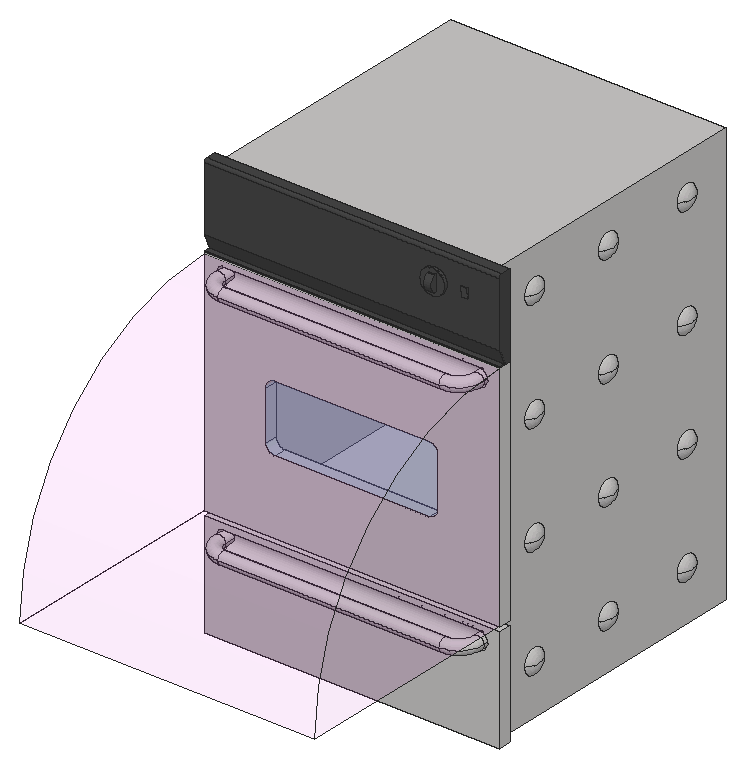
Revit family "QF_Summit_TEM721BKW_Oven", category Specialty Equipment, Revit 2020
Family settings
  Round Connector Dimension = Use Diameter
  Part Type = Normal
  Work Plane-Based = No
  Always vertical = Yes
  Cut with Voids When Loaded = No
  Shared = No
  Room Calculation Point = No
Parameters
  Weight in Pounds = 170
  Watts = if(Phase = 3, Volts * FL Amps * 1.73, Volts * FL Amps)  # 8800 W
  Volts = 220 V
  URL Cutsheet = ""
  Specification by User = ""
  Specification by Manufacturer = ""
  Show Clearance [instance] = yes
  Serial Number = ""
  Seismic Rating = ""
  SMACNA No = ""
  Revision Code = ""
  Phase = 1
  Number of Poles = 1
  NAFEM Spec ID Number = ""
  Model = "TEM721BKW"
  Min Ckt Ampacity = 0 A
  Max Overcurrent Protection = 0 A
  Masterspec = ""
  Manufacturer = "Summit"
  Length = 24"
  Item Number = ""
  Installed By = ""
  Identify Quantity as Lot = yes
  Height = 34 1/2"
  HP = ""
  Furnished By = ""
  Foodservice Equipment Identifier = yes
  FL Amps = 40 A
  Electrical Remarks = ""
  Electric Connection Type = ""
  Elec Conn RI Height = 0"
  Elec Conn Connection Height = 0"
  Description = "Oven"
  Depth = 24"
  Default Elevation = 0"
  Cycle = 60 Hz
  Conn Plug = ""
  Conn Conduit = yes
  CSI MasterFormat = ""
  Apparent Power = if(Phase = 3, Volts * FL Amps * 1.73, Volts * FL Amps)  # 8800 VA
Reference planes (in)
  plane 1 "BACK": y = 0
  plane 2: z = 0
  plane 3 "LEFT": x = 0
  plane 4 "RIGHT": x = 24
  plane 5 "FRONT": y = -24
  plane 6 "TOP": z = 34.875
  plane 7 "Center Y": x = 12
  plane 8 "Center X": y = -12
  plane 9: y = -23
  plane 10: y = -26.375
  plane 11: z = 27.75
  plane 12: z = 8.5
  plane 13: z = 8.875
  plane 14: y = -42.75
  plane 15: z = 34.5
Forms (in)
  Extrusion 1, solid, material "QF_Metal_Stainless_Polished"
    sketch origin (0, 0, 0) x (1, 0, 0) y (0, 1, 0)
      loop
        line (0.8125, 0) -> (0.8125, -23) -> (23.1875, -23) -> (23.1875, 0) -> (0.8125, 0)
    from 0 to 34.375
  Extrusion 2, solid, material "QF_Metal_Stainless_Polished"
    sketch origin (0, -24, 0.125) x (1, 0, 0) y (0, 0, 1)
      loop
        line (0, 8.375) -> (0, -0.125) -> (24, -0.125) -> (24, 8.375) -> (0, 8.375)
      loop
        line (0, 8.75) -> (24, 8.75) -> (24, 27.625) -> (0, 27.625) -> (0, 8.75)
    from 0 to -1
  Extrusion 3, solid, material "QF_Metal_Black"
    sketch origin (0, 0, 0) x (0, 1, 0) y (0, 0, 1)
      loop
        line (-23, 34.5) -> (-23.75, 34.5)
        arc (-23.75, 34.5) -> (-23.92678, 34.42678) -> (-24, 34.25) r 0.25
        line (-24, 34.25) -> (-24, 29) -> (-23.5, 27.79419) -> (-24, 27.79419) -> (-24, 27.75) -> (-23, 27.75) -> (-23, 34.5)
    from 0 to 24
  Revolve 4, void
    sketch origin (0, -0.05469, 26.49744) x (1, 0, 0) y (0, 1, 0)
      loop
        line (1, -24.15625) -> (23, -24.15625) -> (23, -24.00262)
        arc (23, -24.00262) -> (22.82068, -23.56969) -> (22.38775, -23.39037) r 0.61225
        line (22.38775, -23.39037) -> (1.61225, -23.39037)
        arc (1.61225, -23.39037) -> (1.17932, -23.56969) -> (1, -24.00262) r 0.61225
        line (1, -24.00262) -> (1, -24.15625)
      axis (23, -24.15625) -> (1, -24.15625)
    angle from -134.169 to 145.733
  Revolve 5, void
    sketch origin (0, -0.05469, 7.32557) x (1, 0, 0) y (0, 1, 0)
      loop
        line (1, -24.15625) -> (23, -24.15625) -> (23, -24.00262)
        arc (23, -24.00262) -> (22.82068, -23.56969) -> (22.38775, -23.39037) r 0.61225
        line (22.38775, -23.39037) -> (1.61225, -23.39037)
        arc (1.61225, -23.39037) -> (1.17932, -23.56969) -> (1, -24.00262) r 0.61225
        line (1, -24.00262) -> (1, -24.15625)
      axis (23, -24.15625) -> (1, -24.15625)
    angle from -134.169 to 145.733
  Sweep 6, solid, material "QF_Metal_Stainless_Polished"
    path origin (0, 0, 0) x (1, 0, 0) y (0, 1, 0)
      loop
        line (1, -23.5) -> (1, -24.375)
        arc (1, -24.375) -> (1.58579, -25.78921) -> (3, -26.375) r 2
        line (3, -26.375) -> (21, -26.375)
        arc (21, -26.375) -> (22.41421, -25.78921) -> (23, -24.375) r 2
        line (23, -24.375) -> (23, -23.5)
    profile origin (12, -26.375, 0) x (0, 1, 0) y (0, 0, 1)
      loop
        circle (0.5, 26.5) r 0.5
  Sweep 7, solid, material "QF_Metal_Stainless_Polished"
    path origin (0, 0, -19.17187) x (1, 0, 0) y (0, 1, 0)
      loop
        line (1, -23.5) -> (1, -24.375)
        arc (1, -24.375) -> (1.58579, -25.78921) -> (3, -26.375) r 2
        line (3, -26.375) -> (21, -26.375)
        arc (21, -26.375) -> (22.41421, -25.78921) -> (23, -24.375) r 2
        line (23, -24.375) -> (23, -23.5)
    profile origin (12, -26.375, -19.17187) x (0, 1, 0) y (0, 0, 1)
      loop
        circle (0.5, 26.5) r 0.5
  Extrusion 8, solid, material "QF_Plastic_Black_Smooth"
    sketch origin (20.91227, -24, 32.63936) x (0, 0, 1) y (0, -1, 0)
      loop
        line (0.01889, 0) -> (0.01889, 0.12728)
        arc (0.01889, 0.12728) -> (-0.37316, 0.09036) -> (-0.76681, 0.08017) r 5.78952
        line (-0.76681, 0.08017) -> (-0.76681, 0) -> (0.01889, 0)
    from 0.04547 to 0.54522
  Extrusion 9, solid, material "QF_Plastic_Black_Smooth"
    sketch origin (0, -24, 29) x (0, 0, 1) y (-1, 0, 0)
      loop
        circle (3.2654, -18.74618) r 1
    from 0 to 0.25
  Extrusion 10, solid, material "QF_Plastic_Black_Smooth"
    sketch origin (-0.04382, 0, 0) x (0, 1, 0) y (0, 0, 1)
      loop
        line (-24.25, 32.91606) -> (-24.40555, 32.91606)
        arc (-24.40555, 32.91606) -> (-24.75, 32.2654) -> (-24.40555, 31.61474) r 0.78677
        line (-24.40555, 31.61474) -> (-24.25, 31.61474) -> (-24.25, 32.91606)
    from 19.08378 to 18.49624
  Revolve 11, solid, material "QF_Metal_Stainless_Polished"
    sketch origin (0, 0, 4.125) x (1, 0, 0) y (0, 1, 0)
      loop
        line (23.1875, -4) -> (23.6875, -4)
        arc (23.6875, -4) -> (23.55162, -3.44294) -> (23.1875, -3) r 1.28845
        line (23.1875, -3) -> (23.1875, -4)
      axis (23.1875, -4) -> (23.6875, -4)
    angle from 0 to 360
  Revolve 12, solid, material "QF_Metal_Stainless_Polished"
    sketch origin (0, 0, 13.125) x (1, 0, 0) y (0, 1, 0)
      loop
        line (23.1875, -4) -> (23.6875, -4)
        arc (23.6875, -4) -> (23.55162, -3.44294) -> (23.1875, -3) r 1.28845
        line (23.1875, -3) -> (23.1875, -4)
      axis (23.1875, -4) -> (23.6875, -4)
    angle from 0 to 360
  Revolve 13, solid, material "QF_Metal_Stainless_Polished"
    sketch origin (0, 0, 22.125) x (1, 0, 0) y (0, 1, 0)
      loop
        line (23.1875, -4) -> (23.6875, -4)
        arc (23.6875, -4) -> (23.55162, -3.44294) -> (23.1875, -3) r 1.28845
        line (23.1875, -3) -> (23.1875, -4)
      axis (23.1875, -4) -> (23.6875, -4)
    angle from 0 to 360
  Revolve 14, solid, material "QF_Metal_Stainless_Polished"
    sketch origin (0, 0, 31.125) x (1, 0, 0) y (0, 1, 0)
      loop
        line (23.1875, -4) -> (23.6875, -4)
        arc (23.6875, -4) -> (23.55162, -3.44294) -> (23.1875, -3) r 1.28845
        line (23.1875, -3) -> (23.1875, -4)
      axis (23.1875, -4) -> (23.6875, -4)
    angle from 0 to 360
  Revolve 15, solid, material "QF_Metal_Stainless_Polished"
    sketch origin (0, -8, 31.125) x (1, 0, 0) y (0, 1, 0)
      loop
        line (23.1875, -4) -> (23.6875, -4)
        arc (23.6875, -4) -> (23.55162, -3.44294) -> (23.1875, -3) r 1.28845
        line (23.1875, -3) -> (23.1875, -4)
      axis (23.1875, -4) -> (23.6875, -4)
    angle from 0 to 360
  Revolve 16, solid, material "QF_Metal_Stainless_Polished"
    sketch origin (0, -15.5, 31.125) x (1, 0, 0) y (0, 1, 0)
      loop
        line (23.1875, -4) -> (23.6875, -4)
        arc (23.6875, -4) -> (23.55162, -3.44294) -> (23.1875, -3) r 1.28845
        line (23.1875, -3) -> (23.1875, -4)
      axis (23.1875, -4) -> (23.6875, -4)
    angle from 0 to 360
  Revolve 17, solid, material "QF_Metal_Stainless_Polished"
    sketch origin (0, -8, 4.125) x (1, 0, 0) y (0, 1, 0)
      loop
        line (23.1875, -4) -> (23.6875, -4)
        arc (23.6875, -4) -> (23.55162, -3.44294) -> (23.1875, -3) r 1.28845
        line (23.1875, -3) -> (23.1875, -4)
      axis (23.1875, -4) -> (23.6875, -4)
    angle from 0 to 360
  Revolve 18, solid, material "QF_Metal_Stainless_Polished"
    sketch origin (0, -8, 13.125) x (1, 0, 0) y (0, 1, 0)
      loop
        line (23.1875, -4) -> (23.6875, -4)
        arc (23.6875, -4) -> (23.55162, -3.44294) -> (23.1875, -3) r 1.28845
        line (23.1875, -3) -> (23.1875, -4)
      axis (23.1875, -4) -> (23.6875, -4)
    angle from 0 to 360
  Revolve 19, solid, material "QF_Metal_Stainless_Polished"
    sketch origin (0, -8, 22.125) x (1, 0, 0) y (0, 1, 0)
      loop
        line (23.1875, -4) -> (23.6875, -4)
        arc (23.6875, -4) -> (23.55162, -3.44294) -> (23.1875, -3) r 1.28845
        line (23.1875, -3) -> (23.1875, -4)
      axis (23.1875, -4) -> (23.6875, -4)
    angle from 0 to 360
  Revolve 20, solid, material "QF_Metal_Stainless_Polished"
    sketch origin (0, -15.5, 4.125) x (1, 0, 0) y (0, 1, 0)
      loop
        line (23.1875, -4) -> (23.6875, -4)
        arc (23.6875, -4) -> (23.55162, -3.44294) -> (23.1875, -3) r 1.28845
        line (23.1875, -3) -> (23.1875, -4)
      axis (23.1875, -4) -> (23.6875, -4)
    angle from 0 to 360
  Revolve 21, solid, material "QF_Metal_Stainless_Polished"
    sketch origin (0, -15.5, 13.125) x (1, 0, 0) y (0, 1, 0)
      loop
        line (23.1875, -4) -> (23.6875, -4)
        arc (23.6875, -4) -> (23.55162, -3.44294) -> (23.1875, -3) r 1.28845
        line (23.1875, -3) -> (23.1875, -4)
      axis (23.1875, -4) -> (23.6875, -4)
    angle from 0 to 360
  Revolve 22, solid, material "QF_Metal_Stainless_Polished"
    sketch origin (0, -15.5, 22.125) x (1, 0, 0) y (0, 1, 0)
      loop
        line (23.1875, -4) -> (23.6875, -4)
        arc (23.6875, -4) -> (23.55162, -3.44294) -> (23.1875, -3) r 1.28845
        line (23.1875, -3) -> (23.1875, -4)
      axis (23.1875, -4) -> (23.6875, -4)
    angle from 0 to 360
  Revolve 23, solid, material "QF_Metal_Stainless_Polished"
    sketch origin (24, 0, 4.125) x (-1, 0, 0) y (0, -1, 0)
      loop
        line (23.1875, 4) -> (23.1875, 3)
        arc (23.1875, 3) -> (23.55162, 3.44294) -> (23.6875, 4) r 1.28845
        line (23.6875, 4) -> (23.1875, 4)
      axis (23.1875, 4) -> (23.6875, 4)
    angle from 0 to 360
  Revolve 24, solid, material "QF_Metal_Stainless_Polished"
    sketch origin (24, 0, 13.125) x (-1, 0, 0) y (0, -1, 0)
      loop
        line (23.1875, 4) -> (23.1875, 3)
        arc (23.1875, 3) -> (23.55162, 3.44294) -> (23.6875, 4) r 1.28845
        line (23.6875, 4) -> (23.1875, 4)
      axis (23.1875, 4) -> (23.6875, 4)
    angle from 0 to 360
  Revolve 25, solid, material "QF_Metal_Stainless_Polished"
    sketch origin (24, 0, 22.125) x (-1, 0, 0) y (0, -1, 0)
      loop
        line (23.1875, 4) -> (23.1875, 3)
        arc (23.1875, 3) -> (23.55162, 3.44294) -> (23.6875, 4) r 1.28845
        line (23.6875, 4) -> (23.1875, 4)
      axis (23.1875, 4) -> (23.6875, 4)
    angle from 0 to 360
  Revolve 26, solid, material "QF_Metal_Stainless_Polished"
    sketch origin (24, 0, 31.125) x (-1, 0, 0) y (0, -1, 0)
      loop
        line (23.1875, 4) -> (23.1875, 3)
        arc (23.1875, 3) -> (23.55162, 3.44294) -> (23.6875, 4) r 1.28845
        line (23.6875, 4) -> (23.1875, 4)
      axis (23.1875, 4) -> (23.6875, 4)
    angle from 0 to 360
  Revolve 27, solid, material "QF_Metal_Stainless_Polished"
    sketch origin (24, -8, 31.125) x (-1, 0, 0) y (0, -1, 0)
      loop
        line (23.1875, 4) -> (23.1875, 3)
        arc (23.1875, 3) -> (23.55162, 3.44294) -> (23.6875, 4) r 1.28845
        line (23.6875, 4) -> (23.1875, 4)
      axis (23.1875, 4) -> (23.6875, 4)
    angle from 0 to 360
  Revolve 28, solid, material "QF_Metal_Stainless_Polished"
    sketch origin (24, -15.5, 31.125) x (-1, 0, 0) y (0, -1, 0)
      loop
        line (23.1875, 4) -> (23.1875, 3)
        arc (23.1875, 3) -> (23.55162, 3.44294) -> (23.6875, 4) r 1.28845
        line (23.6875, 4) -> (23.1875, 4)
      axis (23.1875, 4) -> (23.6875, 4)
    angle from 0 to 360
  Revolve 29, solid, material "QF_Metal_Stainless_Polished"
    sketch origin (24, -8, 4.125) x (-1, 0, 0) y (0, -1, 0)
      loop
        line (23.1875, 4) -> (23.1875, 3)
        arc (23.1875, 3) -> (23.55162, 3.44294) -> (23.6875, 4) r 1.28845
        line (23.6875, 4) -> (23.1875, 4)
      axis (23.1875, 4) -> (23.6875, 4)
    angle from 0 to 360
  Revolve 30, solid, material "QF_Metal_Stainless_Polished"
    sketch origin (24, -8, 13.125) x (-1, 0, 0) y (0, -1, 0)
      loop
        line (23.1875, 4) -> (23.1875, 3)
        arc (23.1875, 3) -> (23.55162, 3.44294) -> (23.6875, 4) r 1.28845
        line (23.6875, 4) -> (23.1875, 4)
      axis (23.1875, 4) -> (23.6875, 4)
    angle from 0 to 360
  Revolve 31, solid, material "QF_Metal_Stainless_Polished"
    sketch origin (24, -8, 22.125) x (-1, 0, 0) y (0, -1, 0)
      loop
        line (23.1875, 4) -> (23.1875, 3)
        arc (23.1875, 3) -> (23.55162, 3.44294) -> (23.6875, 4) r 1.28845
        line (23.6875, 4) -> (23.1875, 4)
      axis (23.1875, 4) -> (23.6875, 4)
    angle from 0 to 360
  Revolve 32, solid, material "QF_Metal_Stainless_Polished"
    sketch origin (24, -15.5, 4.125) x (-1, 0, 0) y (0, -1, 0)
      loop
        line (23.1875, 4) -> (23.1875, 3)
        arc (23.1875, 3) -> (23.55162, 3.44294) -> (23.6875, 4) r 1.28845
        line (23.6875, 4) -> (23.1875, 4)
      axis (23.1875, 4) -> (23.6875, 4)
    angle from 0 to 360
  Revolve 33, solid, material "QF_Metal_Stainless_Polished"
    sketch origin (24, -15.5, 13.125) x (-1, 0, 0) y (0, -1, 0)
      loop
        line (23.1875, 4) -> (23.1875, 3)
        arc (23.1875, 3) -> (23.55162, 3.44294) -> (23.6875, 4) r 1.28845
        line (23.6875, 4) -> (23.1875, 4)
      axis (23.1875, 4) -> (23.6875, 4)
    angle from 0 to 360
  Revolve 34, solid, material "QF_Metal_Stainless_Polished"
    sketch origin (24, -15.5, 22.125) x (-1, 0, 0) y (0, -1, 0)
      loop
        line (23.1875, 4) -> (23.1875, 3)
        arc (23.1875, 3) -> (23.55162, 3.44294) -> (23.6875, 4) r 1.28845
        line (23.6875, 4) -> (23.1875, 4)
      axis (23.1875, 4) -> (23.6875, 4)
    angle from 0 to 360
  Extrusion 35, solid, material "QF_Metal_Stainless_Polished"
    sketch origin (0.8125, 0, 0) x (1, 0, 0) y (0, 0, -1)
      loop
        circle (11.1875, -33.47209) r 0.25
    from 0 to 0.0625
  Extrusion 36, void
    sketch origin (0, -24, 0.125) x (1, 0, 0) y (0, 0, 1)
      loop
        arc (5.75, 20.25) -> (5.21967, 20.03033) -> (5, 19.5) r 0.75
        line (5, 19.5) -> (5, 15.5)
        arc (5, 15.5) -> (5.21967, 14.96967) -> (5.75, 14.75) r 0.75
        line (5.75, 14.75) -> (18.25, 14.75)
        arc (18.25, 14.75) -> (18.78033, 14.96967) -> (19, 15.5) r 0.75
        line (19, 15.5) -> (19, 19.5)
        arc (19, 19.5) -> (18.78033, 20.03033) -> (18.25, 20.25) r 0.75
        line (18.25, 20.25) -> (5.75, 20.25)
    from 0.5311 to -1
  Extrusion 37, solid, material "Glass"
    sketch origin (0, -24, 0.125) x (1, 0, 0) y (0, 0, 1)
      loop
        arc (5, 15.5) -> (5.21967, 14.96967) -> (5.75, 14.75) r 0.75
        line (5.75, 14.75) -> (18.25, 14.75)
        arc (18.25, 14.75) -> (18.78033, 14.96967) -> (19, 15.5) r 0.75
        line (19, 15.5) -> (19, 19.5)
        arc (19, 19.5) -> (18.78033, 20.03033) -> (18.25, 20.25) r 0.75
        line (18.25, 20.25) -> (5.75, 20.25)
        arc (5.75, 20.25) -> (5.21967, 20.03033) -> (5, 19.5) r 0.75
        line (5, 19.5) -> (5, 15.5)
    from 0 to -1
  Extrusion 38, void
    sketch origin (0, 0, 0) x (1, 0, 0) y (0, 1, 0)
      loop
        line (2, -24.83785) -> (22, -24.83785) -> (22, -5) -> (2, -5) -> (2, -24.83785)
    from 8.875 to 27
  Extrusion 39, solid, material "QF_Clearances_Door_Drawer", visible <- "Show Clearance"
    sketch origin (0, 0, 0) x (0, 1, 0) y (0, 0, 1)
      loop
        line (-42.75, 8.875) -> (-24, 8.875) -> (-24, 27.625)
        arc (-24, 27.625) -> (-37.25825, 22.13325) -> (-42.75, 8.875) r 18.75
    from 0 to 24
Cuts and joins
  Revolve 4, Revolve 5, Extrusion 36 cuts Extrusion 2
  Extrusion 38 cuts Extrusion 1
Lines and regions (in)
  Split face 1
    outline origin (0, -24, 29) x (0, 0, 1) y (-1, 0, 0)
      loop
        arc (4.875, -1.25) -> (4.72855, -0.89645) -> (4.375, -0.75) r 0.5
        line (4.375, -0.75) -> (2.29419, -0.75)
        arc (2.29419, -0.75) -> (1.94064, -0.89645) -> (1.79419, -1.25) r 0.5
        line (1.79419, -1.25) -> (1.79419, -9)
        arc (1.79419, -9) -> (1.94064, -9.35355) -> (2.29419, -9.5) r 0.5
        line (2.29419, -9.5) -> (4.375, -9.5)
        arc (4.375, -9.5) -> (4.72855, -9.35355) -> (4.875, -9) r 0.5
        line (4.875, -9) -> (4.875, -1.25)
  Split face 2
    outline origin (0, -24, 29) x (0, 0, 1) y (-1, 0, 0)
      loop
        line (4.6875, -9) -> (4.6875, -1.25)
        arc (4.6875, -1.25) -> (4.59597, -1.02903) -> (4.375, -0.9375) r 0.3125
        line (4.375, -0.9375) -> (2.29419, -0.9375)
        arc (2.29419, -0.9375) -> (2.07322, -1.02903) -> (1.98169, -1.25) r 0.3125
        line (1.98169, -1.25) -> (1.98169, -9)
        arc (1.98169, -9) -> (2.07322, -9.22097) -> (2.29419, -9.3125) r 0.3125
        line (2.29419, -9.3125) -> (4.375, -9.3125)
        arc (4.375, -9.3125) -> (4.59597, -9.22097) -> (4.6875, -9) r 0.3125
  Split face 3
    outline origin (0, -24, 29) x (0, 0, 1) y (-1, 0, 0)
      loop
        arc (4.875, -10.54922) -> (4.72855, -10.19566) -> (4.375, -10.04922) r 0.5
        line (4.375, -10.04922) -> (2.29419, -10.04922)
        arc (2.29419, -10.04922) -> (1.94064, -10.19566) -> (1.79419, -10.54922) r 0.5
        line (1.79419, -10.54922) -> (1.79419, -22.6875)
        arc (1.79419, -22.6875) -> (1.94064, -23.04105) -> (2.29419, -23.1875) r 0.5
        line (2.29419, -23.1875) -> (4.375, -23.1875)
        arc (4.375, -23.1875) -> (4.72855, -23.04105) -> (4.875, -22.6875) r 0.5
        line (4.875, -22.6875) -> (4.875, -10.54922)
  Split face 4
    outline origin (0, -24, 29) x (0, 0, 1) y (-1, 0, 0)
      loop
        line (4.6875, -22.6875) -> (4.6875, -10.54922)
        arc (4.6875, -10.54922) -> (4.59597, -10.32825) -> (4.375, -10.23672) r 0.3125
        line (4.375, -10.23672) -> (2.29419, -10.23672)
        arc (2.29419, -10.23672) -> (2.07322, -10.32825) -> (1.98169, -10.54922) r 0.3125
        line (1.98169, -10.54922) -> (1.98169, -22.6875)
        arc (1.98169, -22.6875) -> (2.07322, -22.90847) -> (2.29419, -23) r 0.3125
        line (2.29419, -23) -> (4.375, -23)
        arc (4.375, -23) -> (4.59597, -22.90847) -> (4.6875, -22.6875) r 0.3125
  Split face 5
    outline origin (0, -24, 29) x (0, 0, 1) y (-1, 0, 0)
      loop
        line (3.66458, -3.76604) -> (2.91458, -3.76604) -> (2.91458, -6.76604) -> (3.66458, -6.76604) -> (3.66458, -3.76604)
  Split face 6
    outline origin (0, -24, 29) x (0, 0, 1) y (-1, 0, 0)
      loop
        line (3.85208, -7.22208) -> (3.35208, -7.22208) -> (3.35208, -7.97208) -> (3.85208, -7.97208) -> (3.85208, -7.22208)
  Split face 7
    outline origin (0, -24, 29) x (0, 0, 1) y (-1, 0, 0)
      loop
        line (2.72708, -7.97208) -> (3.22708, -7.97208) -> (3.22708, -7.22208) -> (2.72708, -7.22208) -> (2.72708, -7.97208)
  Split face 8
    outline origin (0, -24, 29) x (0, 0, 1) y (-1, 0, 0)
      loop
        line (3.85208, -3.31) -> (3.85208, -2.56) -> (3.35208, -2.56) -> (3.35208, -3.31) -> (3.85208, -3.31)
  Split face 9
    outline origin (0, -24, 29) x (0, 0, 1) y (-1, 0, 0)
      loop
        line (3.22708, -2.56) -> (2.72708, -2.56) -> (2.72708, -3.31) -> (3.22708, -3.31) -> (3.22708, -2.56)
  Split face 10
    outline origin (0, -24, 29) x (0, 0, 1) y (-1, 0, 0)
      loop
        line (3.78958, -7.90958) -> (3.78958, -7.28458) -> (3.41458, -7.28458) -> (3.41458, -7.90958) -> (3.78958, -7.90958)
  Split face 11
    outline origin (0, -24, 29) x (0, 0, 1) y (-1, 0, 0)
      loop
        line (2.78958, -7.90958) -> (3.16458, -7.90958) -> (3.16458, -7.28458) -> (2.78958, -7.28458) -> (2.78958, -7.90958)
  Split face 12
    outline origin (0, -24, 29) x (0, 0, 1) y (-1, 0, 0)
      loop
        line (3.78958, -3.2475) -> (3.78958, -2.6225) -> (3.41458, -2.6225) -> (3.41458, -3.2475) -> (3.78958, -3.2475)
  Split face 13
    outline origin (0, -24, 29) x (0, 0, 1) y (-1, 0, 0)
      loop
        line (3.16458, -3.2475) -> (3.16458, -2.6225) -> (2.78958, -2.6225) -> (2.78958, -3.2475) -> (3.16458, -3.2475)
  Split face 14
    outline origin (0, -24, 29) x (0, 0, 1) y (-1, 0, 0)
      loop
        line (2.81005, -20.89524) -> (2.81005, -21.51999) -> (3.72075, -21.51999) -> (3.72075, -20.89524) -> (2.81005, -20.89524)
  Split face 15
    outline origin (0, -24, 29) x (0, 0, 1) y (-1, 0, 0)
      loop
        circle (3.35208, -16.21465) r 0.25
  symbolic lines
    curve 1: line (0, -24, 27) -> (0, -24, 26)
    curve 2: line (0.8125, 0, 0) -> (23.1875, 0, 0)
    curve 3: line (0.8125, -23, 0) -> (0.8125, 0, 0)
    curve 4: line (24, -23, 0) -> (0, -23, 0)
    curve 5: line (23.1875, 0, 0) -> (23.1875, -23, 0)
    curve 6: line (0, -23, 0) -> (0, -24, 0)
    curve 7: line (0, -24, 0) -> (24, -24, 0)
    curve 8: line (24, -24, 0) -> (24, -23, 0)
    curve 9: line (20.95774, -24, 0) -> (20.95774, -24.12728, 0)
    curve 10: line (20.95774, -24.12728, 0) -> (21.45749, -24.12728, 0)
    curve 11: line (21.45749, -24.12728, 0) -> (21.45749, -24, 0)
    curve 12: line (19.74618, -24.25, 0) -> (17.74618, -24.25, 0)
    curve 13: line (17.74618, -24.25, 0) -> (17.74618, -24, 0)
    curve 14: line (19.74618, -24.25, 0) -> (19.74618, -24, 0)
    curve 15: line (18.45241, -24.25, 0) -> (18.45241, -24.75, 0)
    curve 16: line (18.45241, -24.75, 0) -> (19.03995, -24.75, 0)
    curve 17: line (19.03995, -24.75, 0) -> (19.03995, -24.25, 0)
    curve 18: line (2.99288, -26.375, 0) -> (21.00712, -26.375, 0)
    curve 19: line (1, -24, 0) -> (1, -24.38212, 0)
    curve 20: arc (1, -24.38212, 0) -> (1.5837, -25.7913, 0) -> (2.99288, -26.375, 0) r 1.99288
    curve 21: line (2, -24, 0) -> (2, -24.375, 0)
    curve 22: line (3, -25.375, 0) -> (21, -25.375, 0)
    curve 23: arc (2, -24.375, 0) -> (2.29289, -25.0821, 0) -> (3, -25.375, 0) r 1
    curve 24: line (23, -24, 0) -> (23, -24.38212, 0)
    curve 25: arc (23, -24.38212, 0) -> (22.4163, -25.7913, 0) -> (21.00712, -26.375, 0) r 1.99288
    curve 26: line (22, -24, 0) -> (22, -24.375, 0)
    curve 27: arc (22, -24.375, 0) -> (21.70711, -25.0821, 0) -> (21, -25.375, 0) r 1
    curve 28: arc (23.1875, -3.00968, 0) -> (23.69024, -4.00968, 0) -> (23.1875, -5.00968, 0) r 1.24593
    curve 29: arc (23.1875, -11, 0) -> (23.69024, -12, 0) -> (23.1875, -13, 0) r 1.24593
    curve 30: arc (23.1875, -18.5, 0) -> (23.69024, -19.5, 0) -> (23.1875, -20.5, 0) r 1.24593
    curve 31: arc (0.8125, -3.00968, 0) -> (0.30976, -4.00968, 0) -> (0.8125, -5.00968, 0) r 1.24593
    curve 32: arc (0.8125, -11, 0) -> (0.30976, -12, 0) -> (0.8125, -13, 0) r 1.24593
    curve 33: arc (0.8125, -18.5, 0) -> (0.30976, -19.5, 0) -> (0.8125, -20.5, 0) r 1.24593
  symbolic lines, style "QF_Clearances_Door_Drawer", visible <- "Show Clearance"
    curve 34: line (0, -24, 0) -> (0, -42.75, 0)
    curve 35: line (0, -42.75, 0) -> (24, -42.75, 0)
    curve 36: line (24, -42.75, 0) -> (24, -24, 0)
Dimensions and locks (in)
  equal spacing: plane 3 "LEFT", plane 7 "Center Y", plane 4 "RIGHT"
  "Length": plane 3 "LEFT" to plane 4 "RIGHT"
  equal spacing: plane 5 "FRONT", plane 8 "Center X", plane 1 "BACK"
  "Depth": plane 5 "FRONT" to plane 1 "BACK"
  plane 15 to level = 34 1/2"  (x2)
  plane 9 to plane 1 "BACK" = 23"
  plane 10 to plane 5 "FRONT" = 2 3/8"
  plane 11 to level = 27 3/4"
  plane 12 to level = 8 1/2"
  plane 11 to plane 13 = 18 7/8"
  plane 14 to plane 1 "BACK" = 42 3/4"
  aligned and locked: level to plane 2
Automatic sketch dimensions
  curve 1 to plane 5 "FRONT" = 0"
  curve 1 to plane 11 = 1 3/4"
  curve 1 to plane 11 = 3/4"
  Extrusion 1 sketch curve to plane 9 = 0"
  plane 1 "BACK" to Extrusion 1 sketch curve = 0"
  plane 4 "RIGHT" to Extrusion 1 sketch curve = 13/16"
  Extrusion 2 sketch curve to plane 3 "LEFT" = 0"  (x2)
  plane 4 "RIGHT" to Extrusion 2 sketch curve = 0"  (x2)
  Extrusion 2 sketch curve to level = 0"
  Extrusion 2 sketch curve to plane 12 = 0"
  Extrusion 2 sketch curve to plane 13 = 0"
  Extrusion 2 sketch curve to plane 11 = 0"
  plane 5 "FRONT" to Revolve 4 sketch curve = 0.0573"
  plane 4 "RIGHT" to Revolve 4 sketch curve = 1.61225"
  Revolve 4 sketch curve to Revolve 4 sketch curve = 0.61225"  (x2)
  Revolve 4 sketch curve to Revolve 4 sketch curve = 0.15363"
  plane 5 "FRONT" to Revolve 4 sketch curve = 27/128"
  Revolve 4 sketch curve to plane 3 "LEFT" = 1 1/4"
  plane 5 "FRONT" to Revolve 5 sketch curve = 0.0573"
  plane 4 "RIGHT" to Revolve 5 sketch curve = 1.61225"
  Revolve 5 sketch curve to Revolve 5 sketch curve = 0.61225"  (x2)
  Revolve 5 sketch curve to Revolve 5 sketch curve = 0.15363"
  plane 5 "FRONT" to Revolve 5 sketch curve = 27/128"
  Revolve 5 sketch curve to plane 3 "LEFT" = 1 1/4"
  Sweep 6 sketch curve to plane 10 = 0"
  plane 5 "FRONT" to Sweep 6 sketch curve = 3/8"  (x2)
  plane 4 "RIGHT" to Sweep 6 sketch curve = 3"
  Sweep 6 sketch curve to plane 5 "FRONT" = 1/2"  (x2)
  Sweep 6 sketch curve to profile plane = 1/2"
  level to Sweep 6 sketch curve = 26 1/2"
  Sweep 7 sketch curve to plane 10 = 0"
  plane 5 "FRONT" to Sweep 7 sketch curve = 3/8"  (x2)
  plane 4 "RIGHT" to Sweep 7 sketch curve = 3"
  Sweep 7 sketch curve to plane 5 "FRONT" = 1/2"  (x2)
  Sweep 7 sketch curve to profile plane = 1/2"
  profile plane to Sweep 7 sketch curve = 26 1/2"
  Split face 1 sketch curve to Extrusion 3 = 1.79419"
  Split face 1 sketch curve to Split face 1 sketch curve = 1/2"  (x3)
  Split face 1 sketch curve to Extrusion 3 = 9 1/2"
  Split face 1 sketch curve to Extrusion 3 = 1 1/4"
  Split face 2 sketch curve to Extrusion 3 = 1.98169"
  Split face 2 sketch curve to Split face 2 sketch curve = 5/16"  (x3)
  Split face 2 sketch curve to Extrusion 3 = 9 5/16"
  Split face 2 sketch curve to Extrusion 3 = 1 1/4"
  Split face 3 sketch curve to Extrusion 3 = 1.79419"
  Split face 3 sketch curve to Split face 3 sketch curve = 1/2"  (x3)
  Split face 3 sketch curve to Extrusion 3 = 13/16"
  Split face 3 sketch curve to Extrusion 3 = 10.54922"
  Split face 4 sketch curve to Extrusion 3 = 1.98169"
  Split face 4 sketch curve to Split face 4 sketch curve = 5/16"  (x3)
  Split face 4 sketch curve to Extrusion 3 = 1"
  Split face 4 sketch curve to Extrusion 3 = 10.54922"
  Split face 5 sketch curve to Split face 5 sketch curve = 3/4"
  Split face 5 sketch curve to Extrusion 3 = 6.76604"
  Split face 5 sketch curve to Split face 5 sketch curve = 3"
  Split face 6 sketch curve to Split face 6 sketch curve = 1/2"
  Split face 6 sketch curve to Extrusion 3 = 7.97208"
  Split face 6 sketch curve to Split face 6 sketch curve = 3/4"
  Split face 7 sketch curve to Extrusion 3 = 2.72708"
  Split face 7 sketch curve to Split face 7 sketch curve = 1/2"
  Split face 7 sketch curve to Extrusion 3 = 7.97208"
  Split face 7 sketch curve to Split face 7 sketch curve = 3/4"
  Split face 8 sketch curve to Split face 8 sketch curve = 1/2"
  Split face 8 sketch curve to Extrusion 3 = 3.31"
  Split face 8 sketch curve to Split face 8 sketch curve = 3/4"
  Split face 9 sketch curve to Extrusion 3 = 2.72708"
  Split face 9 sketch curve to Split face 9 sketch curve = 1/2"
  Split face 9 sketch curve to Extrusion 3 = 3.31"
  Split face 9 sketch curve to Split face 9 sketch curve = 3/4"
  Split face 10 sketch curve to Split face 10 sketch curve = 3/8"
  Split face 10 sketch curve to Extrusion 3 = 7.90958"
  Split face 10 sketch curve to Split face 10 sketch curve = 5/8"
  Split face 11 sketch curve to Extrusion 3 = 2.78958"
  Split face 11 sketch curve to Split face 11 sketch curve = 3/8"
  Split face 11 sketch curve to Extrusion 3 = 7.90958"
  Split face 11 sketch curve to Split face 11 sketch curve = 5/8"
  Split face 12 sketch curve to Split face 12 sketch curve = 3/8"
  Split face 12 sketch curve to Extrusion 3 = 3.2475"
  Split face 12 sketch curve to Split face 12 sketch curve = 5/8"
  Split face 13 sketch curve to Extrusion 3 = 2.78958"
  Split face 13 sketch curve to Split face 13 sketch curve = 3/8"
  Split face 13 sketch curve to Extrusion 3 = 3.2475"
  Split face 13 sketch curve to Split face 13 sketch curve = 5/8"
  Extrusion 8 sketch curve to plane 5 "FRONT" = 0"
  Extrusion 8 sketch curve to Extrusion 8 sketch curve = 0.7857"
  plane 5 "FRONT" to Extrusion 8 sketch curve = 0.08017"
  Extrusion 8 sketch curve to Extrusion 8 sketch curve = 0.12728"
  Split face 14 sketch curve to Extrusion 3 = 2.81005"
  Split face 14 sketch curve to Split face 14 sketch curve = 0.9107"
  Split face 14 sketch curve to Extrusion 3 = 2.48001"
  Split face 14 sketch curve to Split face 14 sketch curve = 0.62475"
  Extrusion 3 to Extrusion 9 sketch curve = 5.25382"
  plane 5 "FRONT" to Extrusion 10 sketch curve = 0.40555"  (x2)
  Extrusion 10 sketch curve to Extrusion 10 sketch curve = 0.15555"
  Extrusion 10 sketch curve to plane 5 "FRONT" = 0.03677"
  Extrusion 10 sketch curve to Extrusion 10 sketch curve = 0.65066"
  Split face 15 sketch curve to Extrusion 3 = 7.78535"
  plane 4 "RIGHT" to Revolve 11 sketch curve = 1.60081"
  Revolve 11 sketch curve to Revolve 11 sketch curve = 0.78831"
  plane 4 "RIGHT" to Revolve 11 sketch curve = 5/16"
  plane 1 "BACK" to Revolve 11 sketch curve = 4.01915"
  Revolve 11 sketch curve to Revolve 11 sketch curve = 0.01915"
  Revolve 11 sketch curve to Revolve 11 sketch curve = 0"  (x2)
  Revolve 11 sketch curve to plane 4 "RIGHT" = 1 11/16"
  plane 4 "RIGHT" to Revolve 12 sketch curve = 1.60081"
  Revolve 12 sketch curve to Revolve 12 sketch curve = 0.78831"
  plane 4 "RIGHT" to Revolve 12 sketch curve = 5/16"
  plane 1 "BACK" to Revolve 12 sketch curve = 4.01915"
  Revolve 12 sketch curve to Revolve 12 sketch curve = 0.01915"
  Revolve 12 sketch curve to Revolve 12 sketch curve = 0"  (x2)
  Revolve 12 sketch curve to plane 4 "RIGHT" = 1 11/16"
  plane 4 "RIGHT" to Revolve 13 sketch curve = 1.60081"
  Revolve 13 sketch curve to Revolve 13 sketch curve = 0.78831"
  plane 4 "RIGHT" to Revolve 13 sketch curve = 5/16"
  plane 1 "BACK" to Revolve 13 sketch curve = 4.01915"
  Revolve 13 sketch curve to Revolve 13 sketch curve = 0.01915"
  Revolve 13 sketch curve to Revolve 13 sketch curve = 0"  (x2)
  Revolve 13 sketch curve to plane 4 "RIGHT" = 1 11/16"
  plane 4 "RIGHT" to Revolve 14 sketch curve = 1.60081"
  Revolve 14 sketch curve to Revolve 14 sketch curve = 0.78831"
  plane 4 "RIGHT" to Revolve 14 sketch curve = 5/16"
  plane 1 "BACK" to Revolve 14 sketch curve = 4.01915"
  Revolve 14 sketch curve to Revolve 14 sketch curve = 0.01915"
  Revolve 14 sketch curve to Revolve 14 sketch curve = 0"  (x2)
  Revolve 14 sketch curve to plane 4 "RIGHT" = 1 11/16"
  Revolve 15 sketch curve to plane 8 "Center X" = 0"  (x2)
  Revolve 15 sketch curve to plane 8 "Center X" = 0.01915"
  plane 4 "RIGHT" to Revolve 15 sketch curve = 1.60081"
  Revolve 15 sketch curve to Revolve 15 sketch curve = 0.78831"
  plane 4 "RIGHT" to Revolve 15 sketch curve = 5/16"
  Revolve 15 sketch curve to Revolve 15 sketch curve = 0"
  Revolve 15 sketch curve to plane 4 "RIGHT" = 1 11/16"
  plane 4 "RIGHT" to Revolve 16 sketch curve = 1.60081"
  Revolve 16 sketch curve to Revolve 16 sketch curve = 0.78831"
  plane 4 "RIGHT" to Revolve 16 sketch curve = 5/16"
  plane 9 to Revolve 16 sketch curve = 3.48085"
  Revolve 16 sketch curve to Revolve 16 sketch curve = 0.01915"
  Revolve 16 sketch curve to Revolve 16 sketch curve = 0"  (x2)
  Revolve 16 sketch curve to plane 4 "RIGHT" = 1 11/16"
  Revolve 17 sketch curve to plane 8 "Center X" = 0"  (x2)
  Revolve 17 sketch curve to plane 8 "Center X" = 0.01915"
  plane 4 "RIGHT" to Revolve 17 sketch curve = 1.60081"
  Revolve 17 sketch curve to Revolve 17 sketch curve = 0.78831"
  plane 4 "RIGHT" to Revolve 17 sketch curve = 5/16"
  Revolve 17 sketch curve to Revolve 17 sketch curve = 0"
  Revolve 17 sketch curve to plane 4 "RIGHT" = 1 11/16"
  Revolve 18 sketch curve to plane 8 "Center X" = 0"  (x2)
  Revolve 18 sketch curve to plane 8 "Center X" = 0.01915"
  plane 4 "RIGHT" to Revolve 18 sketch curve = 1.60081"
  Revolve 18 sketch curve to Revolve 18 sketch curve = 0.78831"
  plane 4 "RIGHT" to Revolve 18 sketch curve = 5/16"
  Revolve 18 sketch curve to Revolve 18 sketch curve = 0"
  Revolve 18 sketch curve to plane 4 "RIGHT" = 1 11/16"
  Revolve 19 sketch curve to plane 8 "Center X" = 0"  (x2)
  Revolve 19 sketch curve to plane 8 "Center X" = 0.01915"
  plane 4 "RIGHT" to Revolve 19 sketch curve = 1.60081"
  Revolve 19 sketch curve to Revolve 19 sketch curve = 0.78831"
  plane 4 "RIGHT" to Revolve 19 sketch curve = 5/16"
  Revolve 19 sketch curve to Revolve 19 sketch curve = 0"
  Revolve 19 sketch curve to plane 4 "RIGHT" = 1 11/16"
  plane 4 "RIGHT" to Revolve 20 sketch curve = 1.60081"
  Revolve 20 sketch curve to Revolve 20 sketch curve = 0.78831"
  plane 4 "RIGHT" to Revolve 20 sketch curve = 5/16"
  plane 9 to Revolve 20 sketch curve = 3.48085"
  Revolve 20 sketch curve to Revolve 20 sketch curve = 0.01915"
  Revolve 20 sketch curve to Revolve 20 sketch curve = 0"  (x2)
  Revolve 20 sketch curve to plane 4 "RIGHT" = 1 11/16"
  plane 4 "RIGHT" to Revolve 21 sketch curve = 1.60081"
  Revolve 21 sketch curve to Revolve 21 sketch curve = 0.78831"
  plane 4 "RIGHT" to Revolve 21 sketch curve = 5/16"
  plane 9 to Revolve 21 sketch curve = 3.48085"
  Revolve 21 sketch curve to Revolve 21 sketch curve = 0.01915"
  Revolve 21 sketch curve to Revolve 21 sketch curve = 0"  (x2)
  Revolve 21 sketch curve to plane 4 "RIGHT" = 1 11/16"
  plane 4 "RIGHT" to Revolve 22 sketch curve = 1.60081"
  Revolve 22 sketch curve to Revolve 22 sketch curve = 0.78831"
  plane 4 "RIGHT" to Revolve 22 sketch curve = 5/16"
  plane 9 to Revolve 22 sketch curve = 3.48085"
  Revolve 22 sketch curve to Revolve 22 sketch curve = 0.01915"
  Revolve 22 sketch curve to Revolve 22 sketch curve = 0"  (x2)
  Revolve 22 sketch curve to plane 4 "RIGHT" = 1 11/16"
  plane 3 "LEFT" to Revolve 23 sketch curve = 5/16"
  plane 1 "BACK" to Revolve 23 sketch curve = 3"
  Revolve 23 sketch curve to Revolve 23 sketch curve = 1"
  Revolve 23 sketch curve to Revolve 23 sketch curve = 0"  (x2)
  Revolve 23 sketch curve to plane 3 "LEFT" = 1 11/16"
  plane 3 "LEFT" to Revolve 24 sketch curve = 5/16"
  plane 1 "BACK" to Revolve 24 sketch curve = 3"
  Revolve 24 sketch curve to Revolve 24 sketch curve = 1"
  Revolve 24 sketch curve to Revolve 24 sketch curve = 0"  (x2)
  Revolve 24 sketch curve to plane 3 "LEFT" = 1 11/16"
  plane 3 "LEFT" to Revolve 25 sketch curve = 5/16"
  plane 1 "BACK" to Revolve 25 sketch curve = 3"
  Revolve 25 sketch curve to Revolve 25 sketch curve = 1"
  Revolve 25 sketch curve to Revolve 25 sketch curve = 0"  (x2)
  Revolve 25 sketch curve to plane 3 "LEFT" = 1 11/16"
  plane 3 "LEFT" to Revolve 26 sketch curve = 5/16"
  plane 1 "BACK" to Revolve 26 sketch curve = 3"
  Revolve 26 sketch curve to Revolve 26 sketch curve = 1"
  Revolve 26 sketch curve to Revolve 26 sketch curve = 0"  (x2)
  Revolve 26 sketch curve to plane 3 "LEFT" = 1 11/16"
  Revolve 27 sketch curve to plane 8 "Center X" = 0"  (x2)
  Revolve 27 sketch curve to plane 8 "Center X" = 0.01915"
  plane 3 "LEFT" to Revolve 27 sketch curve = 5/16"
  Revolve 27 sketch curve to Revolve 27 sketch curve = 0"
  Revolve 27 sketch curve to plane 3 "LEFT" = 1 11/16"
  plane 3 "LEFT" to Revolve 28 sketch curve = 5/16"
  plane 9 to Revolve 28 sketch curve = 4 1/2"
  Revolve 28 sketch curve to Revolve 28 sketch curve = 1"
  Revolve 28 sketch curve to Revolve 28 sketch curve = 0"  (x2)
  Revolve 28 sketch curve to plane 3 "LEFT" = 1 11/16"
  Revolve 29 sketch curve to plane 8 "Center X" = 0"  (x2)
  Revolve 29 sketch curve to plane 8 "Center X" = 0.01915"
  plane 3 "LEFT" to Revolve 29 sketch curve = 5/16"
  Revolve 29 sketch curve to Revolve 29 sketch curve = 0"
  Revolve 29 sketch curve to plane 3 "LEFT" = 1 11/16"
  Revolve 30 sketch curve to plane 8 "Center X" = 0"  (x2)
  Revolve 30 sketch curve to plane 8 "Center X" = 0.01915"
  plane 3 "LEFT" to Revolve 30 sketch curve = 5/16"
  Revolve 30 sketch curve to Revolve 30 sketch curve = 0"
  Revolve 30 sketch curve to plane 3 "LEFT" = 1 11/16"
  Revolve 31 sketch curve to plane 8 "Center X" = 0"  (x2)
  Revolve 31 sketch curve to plane 8 "Center X" = 0.01915"
  plane 3 "LEFT" to Revolve 31 sketch curve = 5/16"
  Revolve 31 sketch curve to Revolve 31 sketch curve = 0"
  Revolve 31 sketch curve to plane 3 "LEFT" = 1 11/16"
  plane 3 "LEFT" to Revolve 32 sketch curve = 5/16"
  plane 9 to Revolve 32 sketch curve = 4 1/2"
  Revolve 32 sketch curve to Revolve 32 sketch curve = 1"
  Revolve 32 sketch curve to Revolve 32 sketch curve = 0"  (x2)
  Revolve 32 sketch curve to plane 3 "LEFT" = 1 11/16"
  plane 3 "LEFT" to Revolve 33 sketch curve = 5/16"
  plane 9 to Revolve 33 sketch curve = 4 1/2"
  Revolve 33 sketch curve to Revolve 33 sketch curve = 1"
  Revolve 33 sketch curve to Revolve 33 sketch curve = 0"  (x2)
  Revolve 33 sketch curve to plane 3 "LEFT" = 1 11/16"
  plane 3 "LEFT" to Revolve 34 sketch curve = 5/16"
  plane 9 to Revolve 34 sketch curve = 4 1/2"
  Revolve 34 sketch curve to Revolve 34 sketch curve = 1"
  Revolve 34 sketch curve to Revolve 34 sketch curve = 0"  (x2)
  Revolve 34 sketch curve to plane 3 "LEFT" = 1 11/16"
  Extrusion 1 to Extrusion 35 sketch curve = 0.90291"
  Extrusion 35 sketch curve to Extrusion 1 = 11 3/16"
  Extrusion 36 sketch curve to Extrusion 36 sketch curve = 3/4"  (x3)
  Extrusion 36 sketch curve to Extrusion 2 = 5 3/4"  (x2)
  Extrusion 36 sketch curve to Extrusion 36 sketch curve = 0"
  Extrusion 36 sketch curve to Extrusion 36 sketch curve = 4"
  Extrusion 36 sketch curve to Extrusion 2 = 6"
  Extrusion 37 sketch curve to Extrusion 2 = 5"
  Extrusion 37 sketch curve to Extrusion 37 sketch curve = 3/4"  (x3)
  Extrusion 37 sketch curve to Extrusion 2 = 5 3/4"
  Extrusion 37 sketch curve to Extrusion 37 sketch curve = 0"
  Extrusion 37 sketch curve to Extrusion 2 = 6"
  Extrusion 37 sketch curve to Extrusion 37 sketch curve = 4"
  Extrusion 38 sketch curve to plane 9 = 1.83785"
  plane 4 "RIGHT" to Extrusion 38 sketch curve = 2"
  plane 1 "BACK" to Extrusion 38 sketch curve = 5"
  Extrusion 8 sketch curve to plane 6 "TOP" = 3.00245"
  Extrusion 8 sketch curve to plane 6 "TOP" = 2.95529"
  Extrusion 10 sketch curve to plane 6 "TOP" = 3.26026"
  plane 3 "LEFT" to Extrusion 1 sketch curve = 13/16"
  plane 3 "LEFT" to Revolve 4 sketch curve = 1"
  Revolve 4 sketch curve to Revolve 4 sketch curve = 0"
  plane 3 "LEFT" to Revolve 5 sketch curve = 1"
  Revolve 5 sketch curve to Revolve 5 sketch curve = 0"
  plane 3 "LEFT" to Sweep 6 sketch curve = 3"
  plane 3 "LEFT" to Sweep 7 sketch curve = 3"
  Revolve 23 sketch curve to Revolve 23 sketch curve = 1/2"
  Revolve 23 sketch curve to Revolve 23 sketch curve = 0.78831"
  Revolve 24 sketch curve to Revolve 24 sketch curve = 1/2"
  Revolve 24 sketch curve to Revolve 24 sketch curve = 0.78831"
  Revolve 25 sketch curve to Revolve 25 sketch curve = 1/2"
  Revolve 25 sketch curve to Revolve 25 sketch curve = 0.78831"
  Revolve 26 sketch curve to Revolve 26 sketch curve = 1/2"
  Revolve 26 sketch curve to Revolve 26 sketch curve = 0.78831"
  Revolve 27 sketch curve to Revolve 27 sketch curve = 1/2"
  Revolve 27 sketch curve to Revolve 27 sketch curve = 0.78831"
  Revolve 28 sketch curve to Revolve 28 sketch curve = 1/2"
  Revolve 28 sketch curve to Revolve 28 sketch curve = 0.78831"
  Revolve 29 sketch curve to Revolve 29 sketch curve = 1/2"
  Revolve 29 sketch curve to Revolve 29 sketch curve = 0.78831"
  Revolve 30 sketch curve to Revolve 30 sketch curve = 1/2"
  Revolve 30 sketch curve to Revolve 30 sketch curve = 0.78831"
  Revolve 31 sketch curve to Revolve 31 sketch curve = 1/2"
  Revolve 31 sketch curve to Revolve 31 sketch curve = 0.78831"
  Revolve 32 sketch curve to Revolve 32 sketch curve = 1/2"
  Revolve 32 sketch curve to Revolve 32 sketch curve = 0.78831"
  Revolve 33 sketch curve to Revolve 33 sketch curve = 1/2"
  Revolve 33 sketch curve to Revolve 33 sketch curve = 0.78831"
  Revolve 34 sketch curve to Revolve 34 sketch curve = 1/2"
  Revolve 34 sketch curve to Revolve 34 sketch curve = 0.78831"
  plane 3 "LEFT" to Extrusion 38 sketch curve = 2"
  Extrusion 39 sketch curve to plane 14 = 0"
  Extrusion 39 sketch curve to plane 5 "FRONT" = 0"
  Extrusion 39 sketch curve to plane 13 = 0"
  curve 4 to plane 3 "LEFT" = 0"
  plane 1 "BACK" to curve 3 = 0"
  curve 3 to plane 9 = 0"
  plane 5 "FRONT" to curve 19 = 0"
  curve 32 to plane 8 "Center X" = 0"
  curve 18 to plane 10 = 0"
  curve 29 to plane 8 "Center X" = 0"
  plane 3 "LEFT" to curve 3 = 13/16"
  plane 5 "FRONT" to curve 19 = 0.38212"
  plane 3 "LEFT" to curve 19 = 1"
  curve 31 to curve 31 = 0.74319"
  curve 32 to curve 32 = 0.74319"
  curve 33 to curve 33 = 0.74319"
  plane 5 "FRONT" to curve 21 = 3/8"
  curve 21 to curve 20 = 0.99288"
  curve 20 to curve 22 = 0.00712"
  plane 5 "FRONT" to curve 12 = 1/4"
  plane 7 "Center Y" to curve 12 = 5.74618"
  curve 12 to curve 15 = 0.70623"
  curve 15 to curve 16 = 0.58754"
  curve 17 to curve 14 = 0.70623"
  plane 5 "FRONT" to curve 10 = 0.12728"
  curve 12 to curve 10 = 1.21156"
  curve 9 to curve 22 = 0.04226"
  curve 22 to curve 18 = 0.00712"
  curve 9 to curve 11 = 0.49975"
  plane 5 "FRONT" to curve 26 = 3/8"
  plane 4 "RIGHT" to curve 28 = 1.55569"
  plane 4 "RIGHT" to curve 29 = 1.55569"
  plane 4 "RIGHT" to curve 30 = 1.55569"
  plane 5 "FRONT" to curve 24 = 0.38212"
  plane 4 "RIGHT" to curve 2 = 13/16"
  curve 16 to curve 17 = 1/2"
  plane 9 to curve 33 = 3 1/2"
  plane 9 to curve 30 = 3 1/2"
  plane 1 "BACK" to curve 28 = 4.00968"
  plane 1 "BACK" to curve 31 = 4.00968"
  curve 33 to curve 33 = 1"
  curve 30 to curve 30 = 1"
  curve 32 to plane 8 "Center X" = 1"
  curve 29 to plane 8 "Center X" = 1"
  curve 31 to curve 31 = 1"
  curve 28 to curve 28 = 1"
  curve 34 to plane 14 = 0"
  curve 35 to plane 4 "RIGHT" = 0"
  Extrusion 3 sketch curve to plane 5 "FRONT" = 0"  (x2)
  Extrusion 3 sketch curve to plane 15 = 0"
  Extrusion 3 sketch curve to plane 9 = 0"
  Extrusion 3 sketch curve to plane 11 = 0"
  Extrusion 3 sketch curve to Extrusion 3 sketch curve = 1/4"
  plane 11 to Extrusion 3 sketch curve = 0.04419"
  Extrusion 3 sketch curve to plane 5 "FRONT" = 1/2"
  Extrusion 3 sketch curve to Extrusion 3 sketch curve = 1.20581"
  Split face 1 sketch curve to Extrusion 3 = 7/8"  (x2)
  Split face 2 sketch curve to Extrusion 3 = 7/8"  (x2)
  Split face 3 sketch curve to Extrusion 3 = 7/8"  (x2)
  Split face 4 sketch curve to Extrusion 3 = 7/8"  (x2)
  Split face 5 sketch curve to Extrusion 3 = 2.33542"
  Split face 6 sketch curve to Extrusion 3 = 1.89792"
  Split face 8 sketch curve to Extrusion 3 = 1.89792"
  Split face 10 sketch curve to Extrusion 3 = 1.83542"
  Split face 12 sketch curve to Extrusion 3 = 1.83542"
  Extrusion 9 sketch curve to Extrusion 3 = 1.9846"
  Split face 15 sketch curve to Extrusion 3 = 1.89792"
  radius of Sweep 6 sketch curve = 1/2"
  radius of Sweep 7 sketch curve = 1/2"
  radius of Extrusion 9 sketch curve = 1"
  radius of Split face 15 sketch curve = 1/4"
  radius of Extrusion 35 sketch curve = 1/4"
Connectors (in)
  electrical at (12, 0.0625, 33.47209), driven by "Volts", driven by "Apparent Power"
    settings: on Extrusion 35, index 1, voltage 220 V, apparent load 8800 VA, apparent load phase1 0 VA, apparent load phase2 0 VA, apparent load phase3 0 VA, power factor 1, load classification "Other", number of poles 1, system type 30, power factor state 1, is connector primary yes, connector utility no, sub classification motor no, connector description "Electrical Connection"
